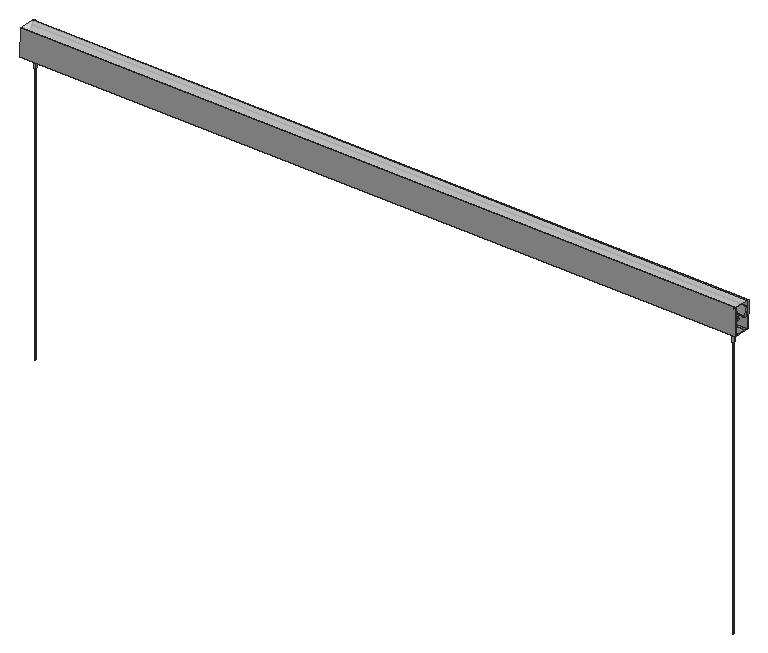
Revit family "2059339 Sylvania Lighting Fixture MC2 D I 2-4M 4K DALIEM WHT PRIS", category Lighting Fixtures, host Face, Revit 2016
Family settings
  Host = Face
  Part Type = Normal
  Round Connector Dimension = Use Diameter
  OmniClass Number = 23.80.70.11.17
  OmniClass Title = Specialized Lighting by Location or Use
  Cut with Voids When Loaded = No
  Light Source = Yes
  Shared = No
  Room Calculation Point = No
Parameters (values of type "2059339 MC2 D/I 2.4M 4K DALIEM WHT PRIS Emergency mode")
  Width_SYL = 54.0 mm
  Weight = "6.3 kg"
  Wattage = 67 W
  WarrantyStartDate [instance] = "n/a"
  WarrantyGuarantorParts = "n/a"
  WarrantyDurationUnit = "n/a"
  WarrantyDurationParts = "n/a"
  WarrantyDescription = "n/a"
  built-in parameter 1150110 = 1 (stored number, unit not read)
  Voltage = 0 V
  URL = "http://www.sylvania-lighting.com"
  TypeName = "MC2 D/I 2.4M 4K DALIEM WHT PRIS Emergency mode"
  built-in parameter 1114217 = 1 (stored number, unit not read)
  Tilt Angle = -90.00°
  built-in parameter 1150109 = 1 (stored number, unit not read)
  built-in parameter 1150134 = 12
  built-in parameter 1150113 = 1 (stored number, unit not read)
  SerialNumber [instance] = "n/a"
  PowerFactor = 0.95
  PowerConsumption = "67 W"
  NominalWidth = 0.0 mm
  NominalLength = 2400.0 mm
  NominalHeight = 86.0 mm
  Name = "MC2 D/I 2.4M 4K DALIEM WHT PRIS Emergency mode"
  ModelReference = "MC2 D/I 2.4M 4K DALIEM WHT PRIS"
  ModelNumber = "2059339"
  Material_3_SYL = Metal_Sylvania_Mini Contiuum II_Silver
  Photometric Web File = "2059339EM.ies"
  Material_4_SYL = Metal_Sylvania_Mini Contiuum II_Silver
  MountingHeight_SYL [instance] = 1000.0 mm
  Material = "aluminium housing, polycarbonate diffuser"
  ManufacturerName = "Feilo Sylvania"
  LuminousEfficacy = "1.805 lm/W"
  LuminaireType = ""
  LightOutputRatio = "100"
  Length_SYL = 2400.0 mm
  LampsType = Lamp  # "LED"
  LampNominalLuminous = "121 lm"
  LampMacAdamStep = "3"
  LampColourTemperature = "4000 K"
  LampColourRenderingIndex = "80"
  Keynote = "16500"
  InstallationDate [instance] = "n/a"
  InputVoltage = "n/a"
  InputNominalFrequency = "n/a"
  IngressProtection = "IP20"
  ImpactProtectionIndex = "n/a"
  IfcExportType = "IfcLightFixtureType"
  IfcExportAs = "IfcLightFixtureType"
  Height_SYL = 86.0 mm
  ExpectedLife = 50000
  EndCapRight_SYL [instance] = no
  EndCapLeft_SYL [instance] = no
  Emit from Rectangle Width = Width_SYL - 2.0 mm  # 52.0 mm
  Emit from Rectangle Length = Length_SYL  # 2400.0 mm
  Emit Shape Visible in Rendering = no
  ElectricShockClassification = "Class I"
  DurationUnit = "hours"
  DocumentationLiterature = "http://www.sylvania-lighting.com/product/en-int/products/2059339"
  DimmingControlOptions = "n/a"
  CreatedOn = "10/15/2018"
  CreatedBy = "@sylvania-lighting.com"
  built-in parameter 1114216 [instance] = 1 (stored number, unit not read)
  Model = "MC2 D/I 2.4M 4K DALIEM WHT PRIS"
  Manufacturer = "Feilo Sylvania"
  built-in parameter 1150105 = 9.6289 (stored number, unit not read)
  Lumens = 121 lm
  built-in parameter 1150115 = 1 (stored number, unit not read)
  built-in parameter 1150137 = (empty or 0)
  built-in parameter 1150139 = (empty or 0)
  built-in parameter 1150112 = 1 (stored number, unit not read)
  built-in parameter 1150114 = 1 (stored number, unit not read)
  Lamp = "LED"
  built-in parameter 1150132 = 2
  built-in parameter 1150102 = (empty or 0)
  built-in parameter 1150107 = 4000 (stored number, unit not read)
  built-in parameter 1150138 = (empty or 0)
  built-in parameter 1150106 = 0.096289 (stored number, unit not read)
  Material_1_SYL = Metal_Sylvania_Mini Continuum II_White
  built-in parameter 1150104 = 0.16778 (stored number, unit not read)
  Dimming Lamp Color Temperature Shift = <None>
  Material_2_SYL = Polycarbonate_Sylvania_Mini Continuum II_Opal_4000K
  Description = "2059339   MC2 D/I 2.4M 4K DALIEM WHT PRIS  Continuous lines of LED light, white RAL 9016, direct/indirect distribution (65/35), various accessories available, compact and minimalist design based on the Golden Mean, ideal for offices, meeting rooms, corridors, education facilities, museums and libraries, extruded aluminium body, diffuser: micro prismatic, colour temperature: 4000K neutral white, total system power: 67W, total fixture output: 7666lm, luminaire efficacy: 114lm/W, LOR: 100%, colour rendering: Ra >80, LED Chromacity: 1 step MacAdam ellipse, lifetime: 60,000 hours at 90% of the original output (L90), energy class: A++, A+, A, IR/UV free light source without heat radiation, operating voltage: 220-240V / 50-60Hz, drive current: (Direct) 800mA + (Indirect) 350mA, electronic driver, DALI dimmable, direct/indirect independently addressable, integral emergency: 3 hour maintained, electrical protection: CLASS I, IP20, suitable for internal environment only."
  Default Elevation = 0.0 mm
  Color Filter = 16777215
  built-in parameter 1140040 [instance] = 1
  BarCode [instance] = "n/a"
  built-in parameter 1114218 = 1 (stored number, unit not read)
  built-in parameter 1150133 = 10 (stored number, unit not read)
  AssetType = "Fixed"
  AssetIdentifier [instance] = "n/a"
  Assembly Code = "D5020200"
  Apparent Load = 67 VA
Types (2, lengths in mm): name | TypeName | Name | Photometric Web File | LuminousEfficacy | LampNominalLuminous | built-in parameter 1150105 | Lumens | built-in parameter 1150106 | built-in parameter 1150104
  2059339 MC2 D/I 2.4M 4K DALIEM WHT PRIS Emergency mode | "MC2 D/I 2.4M 4K DALIEM WHT PRIS Emergency mode" | "MC2 D/I 2.4M 4K DALIEM WHT PRIS Emergency mode" | "2059339EM.ies" | "1.805 lm/W" | "121 lm" | 9.6289 (stored number, unit not read) | 121 lm | 0.096289 (stored number, unit not read) | 0.16778 (stored number, unit not read)
  2059339 MC2 D/I 2.4M 4K DALIEM WHT PRIS | "MC2 D/I 2.4M 4K DALIEM WHT PRIS" | "MC2 D/I 2.4M 4K DALIEM WHT PRIS" | "2059339.ies" | "116 lm/W" | "7776 lm" | 618.48 (stored number, unit not read) | 7772 lm | 6.1848 (stored number, unit not read) | 10.777 (stored number, unit not read)
Reference planes
  plane 1 "Center (Front/Back)": y = 0
  plane 2 "Bottom Fixtures": z = 0
  plane 3 "Center (Left/Right)": x = 0
  plane 4 "Fixture Left": x = -1200
  plane 5 "Fixture Right": x = 1200
  plane 6 "Fixture Bottom": z = 1000
  plane 7: z = 998
  plane 8: z = 996
  plane 9: z = 986.951
  plane 10: z = 956.951
  plane 11 "Fixture Top": z = 914
  plane 12 "Mounting Right": x = 1172
  plane 13 "Mounting Left": x = -1172
  plane 14: z = 879
  plane 15: y = 27
  plane 16: y = -27
  plane 17: y = -26
  plane 18: y = -25
  plane 19: y = 26
  plane 20: y = 25
  plane 21: y = 11
  plane 22: y = -11
  plane 23: y = 24
  plane 24: y = 22
  plane 25: y = -22
  plane 26: y = 15
  plane 27: y = -15
  plane 28 "Upper Diffuser Left": x = -1050
  plane 29 "Upper Diffuser Right": x = 1050
  plane 30: x = -1202
  plane 31: x = 1202
Forms (mm)
  Extrusion 1, solid, material "Metal_Sylvania_Mini Continuum II_White" <- "Material_1_SYL", detail levels fine
    sketch origin (0, 0, 520) x (0, 1, 0) y (0, 0, 1)
      loop
        line (27, 480) -> (26, 480) -> (26, 478) -> (25, 478) -> (25, 396) -> (13, 396) -> (13, 398) -> (-13, 398) -> (-13, 396) -> (-25, 396) -> (-25, 478) -> (-26, 478) -> (-26, 480) -> (-27, 480) -> (-27, 394) -> (-11, 394) -> (-11, 396) -> (11, 396) -> (11, 394) -> (27, 394) -> (27, 480)
    from -1200 to 1200
  Extrusion 2, solid, material "Polycarbonate_Sylvania_Mini Continuum II_Opal_4000K" <- "Material_2_SYL", detail levels fine
    sketch origin (0, 0, 520) x (0, 1, 0) y (0, 0, 1)
      loop
        line (-26, 480) -> (-26, 478) -> (26, 478) -> (26, 480) -> (-26, 480)
    from -1200 to 1200
  Extrusion 3, solid, material "Metal_Sylvania_Mini Contiuum II_Silver" <- "Material_3_SYL", detail levels fine
    sketch origin (0, 0, 520) x (0, 1, 0) y (0, 0, 1)
      loop
        line (22, 466.951) -> (20.973, 466.951) -> (14.206, 437.951) -> (11, 437.951) -> (11, 436.951) -> (15, 436.951) -> (22, 466.951)
      loop
        line (-15, 436.951) -> (-11, 436.951) -> (-11, 437.951) -> (-14.206, 437.951) -> (-20.973, 466.951) -> (-22, 466.951) -> (-15, 436.951)
    from -1200 to 1200
  Extrusion 4, solid, material "Metal_Sylvania_Mini Continuum II_White" <- "Material_1_SYL", detail levels coarse+medium
    sketch origin (0, 0, 520) x (0, 1, 0) y (0, 0, 1)
      loop
        line (-27, 480) -> (-27, 394) -> (27, 394) -> (27, 480) -> (-27, 480)
    from -1200 to 1200
  Extrusion 5, solid, material "Metal_Sylvania_Mini Contiuum II_Silver" <- "Material_4_SYL", detail levels fine
    sketch origin (0, 0, -86) x (-1, 0, 0) y (0, -1, 0)
      loop
        circle (1172, 0) r 4
      loop
        circle (-1172, 0) r 4
    from 965 to 1002
  Extrusion 6, solid, material "Metal_Sylvania_Mini Contiuum II_Silver" <- "Material_4_SYL", detail levels fine
    sketch origin (0, 0, -86) x (-1, 0, 0) y (0, -1, 0)
      loop
        circle (-1172, 0) r 1
      loop
        circle (1172, 0) r 1
    from 86 to 965
  Extrusion 7, solid, material "Polycarbonate_Sylvania_Mini Continuum II_Opal_4000K" <- "Material_2_SYL", detail levels fine
    sketch origin (0, 0, 0) x (0, 1, 0) y (0, 0, 1)
      loop
        arc (11, 916) -> (5.59, 914.504) -> (0, 914) r 31.25
        arc (0, 914) -> (-5.59, 914.504) -> (-11, 916) r 31.25
        line (-11, 916) -> (-11, 914.934)
        arc (-11, 914.934) -> (-5.584, 913.487) -> (0, 913) r 32.25
        arc (0, 913) -> (5.584, 913.487) -> (11, 914.934) r 32.25
        line (11, 914.934) -> (11, 916)
    from -1050 to 1050
  Extrusion 8, void
    sketch origin (0, 0, 0) x (0, 1, 0) y (0, 0, 1)
      loop
        line (11, 918) -> (-11, 918) -> (-11, 916) -> (11, 916) -> (11, 918)
    from -1050 to 1050
  Extrusion 9, solid, material "Metal_Sylvania_Mini Continuum II_White" <- "Material_1_SYL", visible <- "EndCapLeft_SYL"
    sketch origin (-1200, 171.684, 1219.2) x (0, 1, 0) y (0, 0, 1)
      loop
        line (-198.684, -305.2) -> (-144.684, -305.2) -> (-144.684, -219.2) -> (-198.684, -219.2) -> (-198.684, -305.2)
    from 0 to -2
  Extrusion 10, solid, material "Metal_Sylvania_Mini Continuum II_White" <- "Material_1_SYL", visible <- "EndCapRight_SYL"
    sketch origin (1200, 171.684, 1219.2) x (0, 1, 0) y (0, 0, -1)
      loop
        line (-144.684, 219.2) -> (-144.684, 305.2) -> (-198.684, 305.2) -> (-198.684, 219.2) -> (-144.684, 219.2)
    from 0 to -2
Cuts and joins
  Extrusion 8 cuts Extrusion 1
Lines and regions (mm)
  Masking region 1
    outline origin (0, 0, -86) x (-1, 0, 0) y (0, -1, 0)
      loop
        line (1200, -27) -> (1200, 27) -> (-1200, 27) -> (-1200, -27) -> (1200, -27)
  symbolic lines, detail levels fine
    curve 1: line (-1200, 26, -86) -> (1200, 26, -86)
    curve 2: line (-1200, -26, -86) -> (1200, -26, -86)
  model lines, detail levels coarse+medium
    curve 3: line (-1172, 0, 914) -> (-1172, 0, 0)
    curve 4: line (1172, 0, 914) -> (1172, 0, 0)
Dimensions and locks
  host sketch curve to plane 3 "Center (Left/Right)" to host sketch curve = 820.0 mm, 775.047 mm
  equal spacing: plane 4 "Fixture Left", plane 3 "Center (Left/Right)", plane 5 "Fixture Right"
  "Length_SYL": plane 4 "Fixture Left" to plane 5 "Fixture Right"
  plane 6 "Fixture Bottom" to plane 7 to plane 8 to plane 9 to plane 10 = 2.0 mm locked, 2.0 mm locked, 9.049 mm locked, 30.0 mm locked
  locked: Extrusion 1 sketch curve to Extrusion 1 sketch curve at 2
  locked: Extrusion 1 sketch curve to plane 11 "Fixture Top" at 2
  "Height_SYL": plane 6 "Fixture Bottom" to plane 11 "Fixture Top"
  locked: plane 12 "Mounting Right" to plane 5 "Fixture Right" at 28
  locked: plane 4 "Fixture Left" to plane 13 "Mounting Left" at 28
  locked: plane 11 "Fixture Top" to plane 14 at 35
  "MountingHeight_SYL": plane 6 "Fixture Bottom" to plane 2 "Bottom Fixtures"
  equal spacing: plane 15, plane 1 "Center (Front/Back)", plane 16
  "Width_SYL": plane 15 to plane 16
  plane 22 to plane 27 to plane 25 to plane 18 to plane 17 to plane 16 = 4.0 mm locked, 7.0 mm locked, 3.0 mm locked, 1.0 mm locked, 1.0 mm locked
  plane 15 to plane 19 to plane 20 to plane 23 to plane 24 to plane 26 to plane 21 = 1.0 mm locked, 1.0 mm locked, 1.0 mm locked, 2.0 mm locked, 7.0 mm locked, 4.0 mm locked
  locked: plane 4 "Fixture Left" to plane 28 "Upper Diffuser Left" at 150
  locked: plane 29 "Upper Diffuser Right" to plane 5 "Fixture Right" at 150
  equal spacing: plane 30, plane 3 "Center (Left/Right)", plane 31
  locked: plane 30 to plane 4 "Fixture Left" at 2
  aligned and locked: plane 2 "Bottom Fixtures" to host face
  aligned and locked: level to host face
  aligned and locked: plane 5 "Fixture Right" to curve 1
  aligned and locked: plane 4 "Fixture Left" to curve 1
  aligned and locked: plane 4 "Fixture Left" to curve 2
  aligned and locked: plane 5 "Fixture Right" to curve 2
  aligned and locked: Extrusion 1 sketch curve to plane 7
  aligned and locked: plane 6 "Fixture Bottom" to Extrusion 1 sketch curve  (x2)
  aligned and locked: plane 7 to Extrusion 1 sketch curve
  aligned and locked: Extrusion 1 to Extrusion 2 sketch curve
  aligned and locked: Extrusion 2 sketch curve to Extrusion 1  (x3)
  aligned and locked: Extrusion 3 sketch curve to plane 10
  aligned and locked: plane 9 to Extrusion 3 sketch curve
  aligned and locked: Extrusion 3 sketch curve to plane 9
  aligned and locked: Extrusion 4 sketch curve to plane 6 "Fixture Bottom"
  aligned and locked: Extrusion 4 to plane 4 "Fixture Left"
  aligned and locked: Extrusion 2 to plane 4 "Fixture Left"
  aligned and locked: Extrusion 3 to plane 4 "Fixture Left"
  aligned and locked: Extrusion 1 to plane 4 "Fixture Left"
  aligned and locked: Extrusion 4 to plane 5 "Fixture Right"
  aligned and locked: Extrusion 2 to plane 5 "Fixture Right"
  aligned and locked: Extrusion 3 to plane 5 "Fixture Right"
  aligned and locked: Extrusion 1 to plane 5 "Fixture Right"
  aligned and locked: plane 11 "Fixture Top" to Extrusion 4 sketch curve
  aligned and locked: Extrusion 1 sketch curve to plane 11 "Fixture Top"  (x2)
  aligned and locked: Extrusion 1 sketch curve to Extrusion 1 sketch curve
  aligned and locked: plane 6 "Fixture Bottom" to imposter light
  aligned and locked: plane 11 "Fixture Top" to curve 3
  aligned and locked: plane 2 "Bottom Fixtures" to curve 3
  aligned and locked: plane 11 "Fixture Top" to curve 4
  aligned and locked: plane 2 "Bottom Fixtures" to curve 4
  aligned and locked: curve 4 to plane 12 "Mounting Right"
  aligned and locked: curve 3 to plane 13 "Mounting Left"
  aligned and locked: Extrusion 5 to Extrusion 1
  aligned and locked: Extrusion 5 to plane 14
  aligned and locked: plane 14 to Extrusion 6
  aligned and locked: Extrusion 6 to level
  aligned and locked: plane 11 "Fixture Top" to Extrusion 7 sketch curve
  aligned and locked: Extrusion 7 to plane 28 "Upper Diffuser Left"
  aligned and locked: Extrusion 7 to plane 29 "Upper Diffuser Right"
  aligned and locked: plane 21 to Extrusion 3 sketch curve
  aligned and locked: Extrusion 3 sketch curve to plane 22
  aligned and locked: Extrusion 8 sketch curve to plane 21
  aligned and locked: Extrusion 8 sketch curve to plane 22
  aligned and locked: Extrusion 8 sketch curve to Extrusion 1  (x2)
  aligned and locked: Extrusion 8 to Extrusion 7  (x2)
  aligned and locked: plane 21 to Extrusion 7 sketch curve
  aligned and locked: plane 1 "Center (Front/Back)" to Extrusion 7 sketch curve
  aligned and locked: plane 22 to Extrusion 7 sketch curve
  aligned and locked: Extrusion 9 sketch curve to Extrusion 4  (x4)
  aligned and locked: Extrusion 9 to plane 30
  aligned and locked: plane 4 "Fixture Left" to Extrusion 9
  aligned and locked: Extrusion 10 sketch curve to Extrusion 4  (x4)
  aligned and locked: plane 31 to Extrusion 10
  aligned and locked: plane 5 "Fixture Right" to Extrusion 10
Automatic sketch dimensions
  host sketch curve to host sketch curve = 1047.463 mm
  plane 19 to curve 1 = 0.0 mm
  curve 2 to plane 17 = 0.0 mm
  Masking region 1 sketch curve to plane 5 "Fixture Right" = 0.0 mm
  Masking region 1 sketch curve to plane 4 "Fixture Left" = 0.0 mm
  plane 15 to Masking region 1 sketch curve = 0.0 mm
  Masking region 1 sketch curve to plane 16 = 0.0 mm
  Extrusion 1 sketch curve to plane 16 = 0.0 mm
  Extrusion 1 sketch curve to plane 17 = 0.0 mm
  Extrusion 1 sketch curve to plane 18 = 0.0 mm
  Extrusion 1 sketch curve to plane 22 = 0.0 mm
  Extrusion 1 sketch curve to plane 21 = 0.0 mm
  Extrusion 1 sketch curve to plane 20 = 0.0 mm
  Extrusion 1 sketch curve to plane 19 = 0.0 mm
  Extrusion 1 sketch curve to plane 15 = 0.0 mm
  plane 11 "Fixture Top" to Extrusion 1 sketch curve = 2.0 mm
  Extrusion 1 sketch curve to plane 22 = 2.0 mm
  Extrusion 1 sketch curve to plane 21 = 2.0 mm
  Extrusion 3 sketch curve to plane 25 = 0.0 mm
  Extrusion 3 sketch curve to plane 27 = 0.0 mm
  Extrusion 3 sketch curve to plane 26 = 0.0 mm
  Extrusion 3 sketch curve to plane 24 = 0.0 mm
  plane 10 to Extrusion 3 sketch curve = 1.0 mm
  Extrusion 3 sketch curve to Extrusion 3 sketch curve = 1.027 mm
  plane 27 to Extrusion 3 sketch curve = 0.794 mm
  plane 26 to Extrusion 3 sketch curve = 0.794 mm
  plane 24 to Extrusion 3 sketch curve = 1.027 mm
  Extrusion 4 sketch curve to plane 16 = 0.0 mm
  Extrusion 4 sketch curve to plane 15 = 0.0 mm
  plane 1 "Center (Front/Back)" to Extrusion 5 sketch curve = 0.0 mm  (x2)
  Extrusion 5 sketch curve to plane 12 "Mounting Right" = 0.0 mm
  Extrusion 5 sketch curve to plane 13 "Mounting Left" = 0.0 mm
  plane 1 "Center (Front/Back)" to Extrusion 6 sketch curve = 0.0 mm  (x2)
  Extrusion 6 sketch curve to plane 12 "Mounting Right" = 0.0 mm
  Extrusion 6 sketch curve to plane 13 "Mounting Left" = 0.0 mm
  Extrusion 7 sketch curve to Extrusion 7 sketch curve = 0.0 mm  (x4)
  plane 11 "Fixture Top" to Extrusion 7 sketch curve = 0.934 mm
  Extrusion 3 sketch curve to Extrusion 3 sketch curve = 0.0 mm
  Extrusion 3 sketch curve to plane 10 = 0.0 mm
  plane 11 "Fixture Top" to Extrusion 7 sketch curve = 2.0 mm
  radius of Extrusion 5 sketch curve = 4.0 mm  (x2)
  radius of Extrusion 6 sketch curve = 1.0 mm  (x2)
Connectors
  electrical at (1200, 0, 949), driven by "Apparent Load"
    settings: on Extrusion 1, index 1, voltage 230 V, apparent load 0 VA, apparent load phase1 67 VA, apparent load phase2 0 VA, apparent load phase3 0 VA, power factor 1, load classification "Lighting", number of poles 1, system type 31, power factor state 1, is connector primary yes, connector utility no, sub classification motor no, connector description ""
